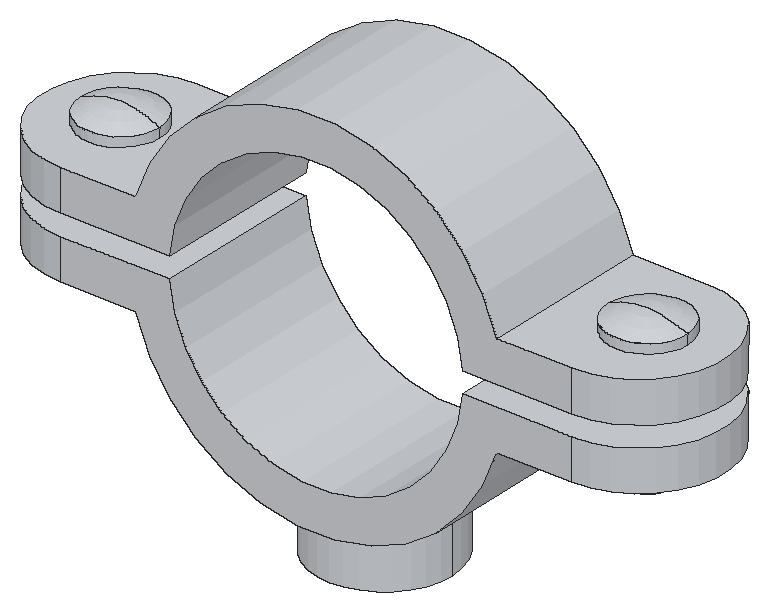
Revit family "RRGCLM", category Generic Models, Revit 2018
Family settings
  Can host rebar = No
  Round Connector Dimension = Use Diameter
  Part Type = Normal
  Work Plane-Based = Yes
  Always vertical = No
  Cut with Voids When Loaded = No
  Shared = Yes
  Room Calculation Point = No
Parameters (values of type "RRGCLM.SRC75")
  Width = 2.500"
  Tab Offset = if(Pipe Size < 0.750", Inner Radius + 0.030", Inner Radius + 0.050")  # 0.588"
  Slot Offset = Outer Radius + 0.100"  # 0.788"
  Ship Complete Level [instance] = ""
  Screw Radius = 0.075"
  Screw Offset = (Width - (Outer Radius * 2)) / 4  # 0.281"
  Clamp Height = 0.875"
  Required Date [instance] = ""
  Pipe Size = 3/4"
  Pipe Radius = Pipe Size / 2  # 0.375"
  Outer Radius = 0.688"
  Job [instance] = ""
  Inner Radius = Outer Radius - 0.150"  # 0.538"
  Height = 1.563"
  Group/Run [instance] = ""
  Description = "Industrial 2 Piece Clamp for Conduit"
  Default Elevation = 48.000"
  Custom [instance] = ""
  Coupler Height = Clamp Height - Inner Radius - 0.063"  # 0.274"
  Catalog Number = "RRGCLM.SRC75"
  Assembly Name [instance] = ""
  Assembly ID [instance] = ""
Types (6): name | Width | Tab Offset | Slot Offset | Screw Offset | Clamp Height | Pipe Size | Pipe Radius | Outer Radius | Inner Radius | Height | Coupler Height | Catalog Number
  RRGCLM.SRC100 | 2.750" | 0.775" | 0.975" | 0.250" | 1.125" | 1" | 0.500" | 0.875" | 0.725" | 2.000" | 0.337" | "RRGCLM.SRC100"
  RRGCLM.SRC50 | 2.125" | 0.318" | 0.538" | 0.31225" | 0.750" | 1/2" | 0.250" | 0.438" | 0.288" | 1.188" | 0.399" | "RRGCLM.SRC50"
  RRGCLM.SRC200 | 3.938" | 1.338" | 1.538" | 0.2655" | 1.625" | 2" | 1.000" | 1.438" | 1.288" | 3.0625" | 0.274" | "RRGCLM.SRC200"
  RRGCLM.SRC75 | 2.500" | 0.588" | 0.788" | 0.281" | 0.875" | 3/4" | 0.375" | 0.688" | 0.538" | 1.563" | 0.274" | "RRGCLM.SRC75"
  RRGCLM.SRC125 | 3.188" | 0.962" | 1.162" | 0.266" | 1.313" | 1 1/4" | 0.625" | 1.062" | 0.912" | 2.375" | 0.338" | "RRGCLM.SRC125"
  RRGCLM.SRC150 | 3.375" | 1.087" | 1.287" | 0.25025" | 1.438" | 1 1/2" | 0.750" | 1.187" | 1.037" | 2.625" | 0.338" | "RRGCLM.SRC150"
Reference planes (in)
  plane 1 "Center (Front/Back)": y = 0
  plane 2: z = 0
  plane 3 "Center (Left/Right)": x = 0
  plane 4 "pipe CL": z = 0.875
  plane 5: x = 1.25
  plane 6: x = -1.25
  plane 7: y = 0.3125
  plane 8: y = -0.3125
  plane 9: x = 0.588
  plane 10: x = -0.588
  plane 11 "receiver": z = 0.588
  plane 12: x = -0.969
  plane 13: x = 0.969
  plane 14 "top": z = 1.563
Forms (in)
  Extrusion 1, solid
    sketch origin (0, 0, 0.875) x (0, -1, 0) y (1, 0, 0)
      loop
        line (-0.3125, -0.588) -> (-0.3125, -0.9375)
        arc (-0.3125, -0.9375) -> (0, -1.25) -> (0.3125, -0.9375) r 0.3125
        line (0.3125, -0.9375) -> (0.3125, -0.588) -> (-0.3125, -0.588)
    from 0.038 to 0.188
  Extrusion 2, solid
    sketch origin (0, 0, 0.875) x (0, -1, 0) y (1, 0, 0)
      loop
        line (-0.3125, -0.588) -> (-0.3125, -0.9375)
        arc (-0.3125, -0.9375) -> (0, -1.25) -> (0.3125, -0.9375) r 0.3125
        line (0.3125, -0.9375) -> (0.3125, -0.588) -> (-0.3125, -0.588)
    from -0.038 to -0.188
  Extrusion 3, solid
    sketch origin (0, 0, 0.875) x (0, -1, 0) y (1, 0, 0)
      loop
        line (-0.3125, 0.588) -> (0.3125, 0.588) -> (0.3125, 0.9375)
        arc (0.3125, 0.9375) -> (0, 1.25) -> (-0.3125, 0.9375) r 0.3125
        line (-0.3125, 0.9375) -> (-0.3125, 0.588)
    from 0.038 to 0.188
  Extrusion 4, solid
    sketch origin (0, 0, 0.875) x (0, -1, 0) y (1, 0, 0)
      loop
        line (-0.3125, 0.588) -> (0.3125, 0.588) -> (0.3125, 0.9375)
        arc (0.3125, 0.9375) -> (0, 1.25) -> (-0.3125, 0.9375) r 0.3125
        line (-0.3125, 0.9375) -> (-0.3125, 0.588)
    from -0.038 to -0.188
  Extrusion 5, solid
    sketch origin (0, 0, 0) x (1, 0, 0) y (0, 1, 0)
      loop
        circle (0, 0) r 0.1875
      loop
        circle (0, 0) r 0.25
    from 0 to 0.274 <- "Coupler Height"
  Extrusion 6, void
    sketch origin (0, 0, 0.875) x (0, -1, 0) y (1, 0, 0)
      loop
        circle (0, -0.969) r 0.075
      loop
        circle (0, 0.969) r 0.075
    from -0.75 to 2.24285
  Extrusion 7, solid
    sketch origin (0, 0, 0) x (1, 0, 0) y (0, 0, 1)
      loop
        circle (0, 0.875) r 0.688
      loop
        circle (0, 0.875) r 0.538
    from -0.3125 to 0.3125
  Extrusion 8, void
    sketch origin (0, 0, 0.875) x (0, -1, 0) y (1, 0, 0)
      loop
        line (-0.68134, -0.788) -> (0.56866, -0.788) -> (0.56866, 0.788) -> (-0.68134, 0.788) -> (-0.68134, -0.788)
    from -0.038 to 0.038
  Revolve 9, solid
    sketch origin (0, 0, 0.75) x (1, 0, 0) y (0, 0, 1)
      loop
        line (-0.969, -0.187) -> (-0.969, 0.38351)
        arc (-0.969, 0.38351) -> (-1.04361, 0.37457) -> (-1.114, 0.34825) r 0.31582
        line (-1.114, 0.34825) -> (-1.114, 0.313) -> (-1.044, 0.313) -> (-1.044, -0.187) -> (-0.969, -0.187)
      axis (-0.969, -0.187) -> (-0.969, 0.38351)
    angle from 0 to 360
  Revolve 10, solid
    sketch origin (2.25, 0, 0.75) x (1, 0, 0) y (0, 0, 1)
      loop
        line (-1.281, -0.187) -> (-1.281, 0.38351)
        arc (-1.281, 0.38351) -> (-1.35561, 0.37457) -> (-1.426, 0.34825) r 0.31582
        line (-1.426, 0.34825) -> (-1.426, 0.313) -> (-1.356, 0.313) -> (-1.356, -0.187) -> (-1.281, -0.187)
      axis (-1.281, -0.187) -> (-1.281, 0.38351)
    angle from 0 to 360
Cuts and joins
  Extrusion 6 cuts Extrusion 1
  Extrusion 6 cuts Extrusion 2
  Extrusion 6 cuts Extrusion 3
  Extrusion 6 cuts Extrusion 4
  Extrusion 8 cuts Extrusion 7
  joined: Extrusion 1, Extrusion 2, Extrusion 3, Extrusion 4, Extrusion 5, Extrusion 7
Dimensions and locks (in)
  "Clamp Height": plane 4 "pipe CL" to level
  "Width": plane 5 to plane 6
  locked: plane 6 to Extrusion 1 sketch curve at 0.3125
  locked: plane 6 to Extrusion 2 sketch curve at 0.3125
  locked: Extrusion 3 sketch curve to plane 5 at 0.3125
  locked: Extrusion 4 sketch curve to plane 5 at 0.3125
  equal spacing: plane 5, plane 3 "Center (Left/Right)", plane 6
  "Tab Offset": plane 3 "Center (Left/Right)" to plane 10
  "Tab Offset": plane 9 to plane 3 "Center (Left/Right)"
  "Tab Offset": plane 11 "receiver" to level
  "Screw Offset": plane 6 to plane 12
  "Screw Offset": plane 13 to plane 5
  "Slot Offset": Extrusion 8 sketch curve to plane 3 "Center (Left/Right)"
  "Slot Offset": plane 3 "Center (Left/Right)" to Extrusion 8 sketch curve
  locked: Revolve 9 sketch curve to Revolve 9 sketch curve at 0.07
  locked: Revolve 10 sketch curve to Revolve 10 sketch curve at 0.07
  locked: plane 4 "pipe CL" to Revolve 9 sketch curve at 0.312
  locked: Revolve 9 sketch curve to plane 4 "pipe CL" at 0.188
  locked: Revolve 9 sketch curve to plane 4 "pipe CL" at 0.22325
  locked: Revolve 9 sketch curve to plane 4 "pipe CL" at 0.25851
  locked: plane 4 "pipe CL" to Revolve 10 sketch curve at 0.312
  locked: Revolve 10 sketch curve to plane 4 "pipe CL" at 0.188
  locked: Revolve 10 sketch curve to plane 4 "pipe CL" at 0.22325
  locked: Revolve 10 sketch curve to plane 4 "pipe CL" at 0.25851
  "Height": plane 14 "top" to level
  "Screw Radius": radius of Extrusion 6 sketch curve  (x2)
  "Outer Radius": radius of Extrusion 7 sketch curve
  "Inner Radius": radius of Extrusion 7 sketch curve
  aligned and locked: plane 2 to level
  aligned and locked: Extrusion 1 sketch curve to plane 10
  aligned and locked: Extrusion 2 sketch curve to plane 10
  aligned and locked: Extrusion 3 sketch curve to plane 9
  aligned and locked: Extrusion 4 sketch curve to plane 9
  aligned and locked: plane 12 to Extrusion 6 sketch curve
  aligned and locked: plane 13 to Extrusion 6 sketch curve
  aligned and locked: Extrusion 7 to plane 7
  aligned and locked: plane 8 to Extrusion 7
  aligned and locked: plane 4 "pipe CL" to Extrusion 7 sketch curve  (x2)
Automatic sketch dimensions
  plane 7 to Extrusion 1 sketch curve = 0.000"
  plane 1 "Center (Front/Back)" to Extrusion 1 sketch curve = 0.000"
  plane 7 to Extrusion 2 sketch curve = 0.000"
  plane 1 "Center (Front/Back)" to Extrusion 2 sketch curve = 0.000"
  plane 7 to Extrusion 3 sketch curve = 0.000"
  plane 1 "Center (Front/Back)" to Extrusion 3 sketch curve = 0.000"
  plane 7 to Extrusion 4 sketch curve = 0.000"
  plane 1 "Center (Front/Back)" to Extrusion 4 sketch curve = 0.000"
  Extrusion 5 sketch curve to Extrusion 5 sketch curve = 0.000"  (x2)
  plane 1 "Center (Front/Back)" to Extrusion 5 sketch curve = 0.000"
  Extrusion 5 sketch curve to plane 3 "Center (Left/Right)" = 0.000"
  Revolve 9 sketch curve to plane 12 = 0.000"  (x2)
  Revolve 9 sketch curve to plane 12 = 0.075"
  Revolve 9 sketch curve to Revolve 9 sketch curve = 0.01055"
  Revolve 9 sketch curve to Revolve 9 sketch curve = 0.11516"
  Revolve 10 sketch curve to plane 13 = 0.000"  (x2)
  Revolve 10 sketch curve to plane 13 = 0.075"
  Revolve 10 sketch curve to Revolve 10 sketch curve = 0.00088"
  Revolve 10 sketch curve to Revolve 10 sketch curve = 0.11516"
  plane 1 "Center (Front/Back)" to Extrusion 6 sketch curve = 0.000"  (x2)
  Extrusion 6 sketch curve to plane 12 = 0.000"
  Extrusion 7 sketch curve to Extrusion 7 sketch curve = 0.000"
  Extrusion 7 sketch curve to plane 3 "Center (Left/Right)" = 0.000"
  Extrusion 8 sketch curve to plane 7 = 0.36884"
  plane 8 to Extrusion 8 sketch curve = 0.25616"
  radius of Extrusion 5 sketch curve = 0.1875"
  radius of Extrusion 5 sketch curve = 0.250"
